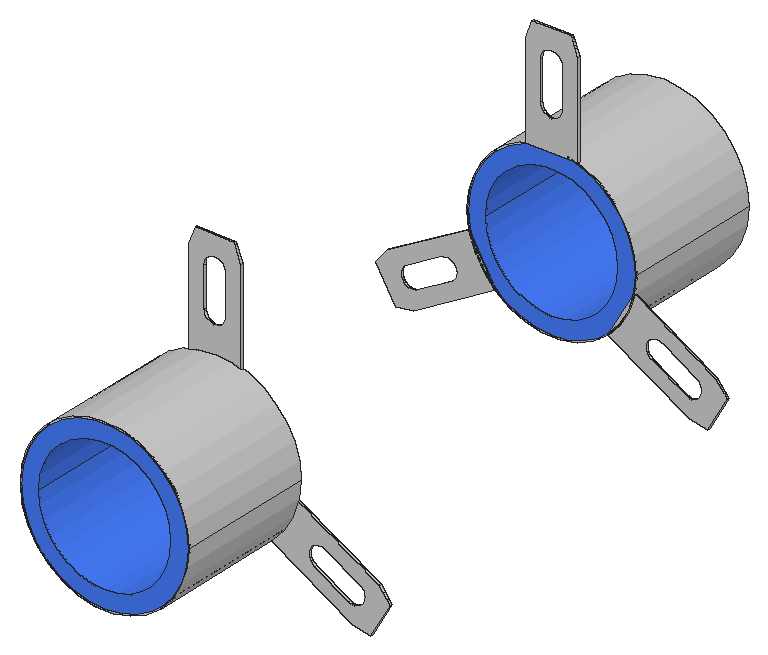
Revit family "Firestop-Wrap_Strip-STI-Series_SS_WBLU2_Sealant_1_to_4_wall", category Specialty Equipment, host Wall, Revit 2026
Family settings
  Host = Wall
  Round Connector Dimension = Use Diameter
  Part Type = Normal
  Classification Number = 23.20.50.14.11
  Enable Cutting in Views = No
  Always vertical = Yes
  Cut with Voids When Loaded = No
  Maintain Annotation Orientation = No
  Shared = No
  Room Calculation Point = No
Parameters (values of type "01.5 Pipe")
  Tested Systems = "http://sti.fmpdata.net/system_search.html"
  Systems  (See "Tested Systems" for addtional) = ""
  Product Page URL = "http://www.stifirestop.com/products/product-selector/ssw-intumescent-wrap-strip/"
  Product Documentation Link = "http://files.systems.stifirestop.com/4.%20Product%20Data%20Sheets/1.%20English/PDS_SSW125,%20SSW250,%20SSW375%20Wrap%20Strip.pdf"
  Pipe OD = 0' - 1 115/128"
  Material = ""
  Manufacturer Phone No. = "800.992.1180"
  Manufacturer Fax No. = "908.526.9623"
  Manufacture Address = "210 Evans Way, Somerville, NJ 08876"
  MSDS = "http://files.systems.stifirestop.com/5.%20Safety%20Data%20Sheet/1.%20English/SDS_BLU2%20Wrap%20Strip.pdf"
  Locate Distributor = "http://www.stifirestop.com/"
  Guide Specification = "http://www.stifirestop.com/technical-library/sti-guide-specs/"
  Green Building/LEED® Information = "http://sti.fmpdata.net/ftp/letters/General_LEED_Letter.pdf"
  Firestop-STI-Intumescent-Blue = Rap Blue
  URL = "http://www.stifirestop.com/"
  Stack Height = 0' - 2"
  Screw hole Width = 0' - 0 5/16"
  Mounting tabs small Width = 0' - 0 9/16"
  Mounting tabs large Width = 0' - 0 3/4"
  Mounting tabs ID = 0' - 1 19/128"
  Model = "SSWBLU2"
  Manufacturer = "Specified Technologies Inc."
  Fire Rating = "Up to 4 Hr"
  Description = "BLU2 Wrap Strip (2\" X 1/8\" X 12')"
  Default Elevation = 0' - 0"
  Contact Technical Service = "http://www.stifirestop.com/contact/"
  ID of Collar = 0' - 2 51/128"
  Contact Sales = "http://www.stifirestop.com/contact/"
  Galvanized-STI-Steel-Collar = Collar
  Color = ""
  Assembly Code = "D4030900"
Types (7): name | Pipe OD | Material | MSDS | Locate Distributor | Screw hole Width | Mounting tabs small Width | Mounting tabs large Width | Mounting tabs ID | ID of Collar | Color
  (no name) | 0' - 1 115/128" | "" | "http://files.systems.stifirestop.com/5.%20Safety%20Data%20Sheet/1.%20English/SDS_BLU2%20Wrap%20Strip.pdf" | "http://www.stifirestop.com/" | 0' - 0 5/16" | 0' - 0 9/16" | 0' - 0 3/4" | 0' - 1 19/128" | 0' - 2 51/128" | ""
  04 Pipe | 0' - 4 1/2" | "" | "http://files.systems.stifirestop.com/5.%20Safety%20Data%20Sheet/1.%20English/SDS_BLU2%20Wrap%20Strip.pdf" | "http://www.stifirestop.com/" | 0' - 0 3/8" | 0' - 0 1/2" | 0' - 1" | 0' - 2 147/256" | 0' - 5 1/4" | ""
  03 Pipe | 0' - 3 1/2" | "" | "http://sti.fmpdata.net/ftp/datasheet/MSDS-BLU2.pdf" | "http://files.systems.stifirestop.com/5.%20Safety%20Data%20Sheet/1.%20English/SDS_BLU2%20Wrap%20Strip.pdf" | 0' - 0 3/8" | 0' - 0 1/2" | 0' - 1" | 0' - 1 243/256" | 0' - 4" | ""
  02 Pipe | 0' - 2 3/8" | "Flexible intumescent strip faced with plastic" | "http://files.systems.stifirestop.com/5.%20Safety%20Data%20Sheet/1.%20English/SDS_BLU2%20Wrap%20Strip.pdf" | "http://www.stifirestop.com/" | 0' - 0 5/16" | 0' - 0 9/16" | 0' - 0 3/4" | 0' - 1 67/256" | 0' - 2 5/8" | "BLUE"
  02.5 Pipe | 0' - 2 7/8" | "" | "http://files.systems.stifirestop.com/5.%20Safety%20Data%20Sheet/1.%20English/SDS_BLU2%20Wrap%20Strip.pdf" | "http://www.stifirestop.com/" | 0' - 0 5/16" | 0' - 0 9/16" | 0' - 0 3/4" | 0' - 1 163/256" | 0' - 3 3/8" | ""
  03.5 Pipe | 0' - 4" | "" | "http://files.systems.stifirestop.com/5.%20Safety%20Data%20Sheet/1.%20English/SDS_BLU2%20Wrap%20Strip.pdf" | "http://www.stifirestop.com/" | 0' - 0 3/8" | 0' - 0 1/2" | 0' - 1" | 0' - 2 83/256" | 0' - 4 3/4" | ""
  01.5 Pipe | 0' - 1 115/128" | "" | "http://files.systems.stifirestop.com/5.%20Safety%20Data%20Sheet/1.%20English/SDS_BLU2%20Wrap%20Strip.pdf" | "http://www.stifirestop.com/" | 0' - 0 5/16" | 0' - 0 9/16" | 0' - 0 3/4" | 0' - 1 19/128" | 0' - 2 51/128" | ""
Reference planes (in)
  plane 1: y = 0.33538
  plane 2 "Center (Left/Right)": x = 0
  plane 3 "Wall Edge": y = 3.33538
  plane 4: z = 75.23468
  plane 5: x = 1.19922
  plane 6: x = -1.19922
  plane 7: y = 5.33538
  plane 8: x = 0.375
  plane 9: x = 0.28125
  plane 10: x = 0.15625
  plane 11: x = -0.375
  plane 12: x = -0.28125
  plane 13: x = -0.15625
  plane 14: z = 76.38311
  plane 15: z = 76.97686
  plane 16: z = 77.53936
  plane 17: z = 77.72686
  plane 18: z = 77.97686
  plane 19: y = 3.35938
  plane 20: through (0, 9, 75.23468) normal (-0.5, 0, 0.866)
  plane 21: through (0, 9, 75.23468) normal (-0.5, 0, -0.866)
  plane 22: through (-7.07109, 9, 62.98719) normal (0.866, 0, -0.5)
  plane 23: through (-7.07109, 9, 87.48217) normal (-0.866, 0, -0.5)
  plane 24: through (-2.59494, 9, 74.1695) normal (-0.5, 0, 0.866)
  plane 25: through (-2.54807, 9, 74.08831) normal (-0.5, 0, 0.866)
  plane 26: through (-2.48557, 9, 73.98006) normal (-0.5, 0, 0.866)
  plane 27: through (-2.21994, 9, 73.51998) normal (-0.5, 0, 0.866)
  plane 28: through (-2.26682, 9, 73.60117) normal (-0.5, 0, 0.866)
  plane 29: through (-2.32932, 9, 73.70942) normal (-0.5, 0, 0.866)
  plane 30: through (-2.53244, 9, 74.06125) normal (-0.5, 0, 0.866)
  plane 31: through (-2.50119, 9, 74.00712) normal (-0.5, 0, 0.866)
  plane 32: through (-2.28244, 9, 73.62823) normal (-0.5, 0, 0.866)
  plane 33: through (-2.31369, 9, 73.68236) normal (-0.5, 0, 0.866)
  plane 34: through (-8.06567, 9, 86.90795) normal (-0.866, 0, -0.5)
  plane 35: through (2.21994, 9, 73.51998) normal (-0.5, 0, -0.866)
  plane 36: through (2.26682, 9, 73.60117) normal (-0.5, 0, -0.866)
  plane 37: through (2.32932, 9, 73.70942) normal (-0.5, 0, -0.866)
  plane 38: through (2.59494, 9, 74.1695) normal (-0.5, 0, -0.866)
  plane 39: through (2.54807, 9, 74.08831) normal (-0.5, 0, -0.866)
  plane 40: through (2.48557, 9, 73.98006) normal (-0.5, 0, -0.866)
  plane 41: through (-6.07652, 9, 62.41297) normal (0.866, 0, -0.5)
  plane 42: through (-5.56231, 9, 62.11609) normal (0.866, 0, -0.5)
  plane 43: through (-5.07517, 9, 61.83484) normal (0.866, 0, -0.5)
  plane 44: through (-4.91279, 9, 61.74109) normal (0.866, 0, -0.5)
  plane 45: through (-4.69629, 9, 61.61609) normal (0.866, 0, -0.5)
  plane 46: x = 0.94922
  plane 47: x = -0.94922
  plane 48: y = -2.68862
  plane 49: y = -4.65737
  plane 50: through (-8.57987, 9, 86.61107) normal (-0.866, 0, -0.5)
  plane 51: through (-9.06701, 9, 86.32982) normal (-0.866, 0, -0.5)
  plane 52: through (-9.22939, 9, 86.23607) normal (-0.866, 0, -0.5)
  plane 53: through (-9.4459, 9, 86.11107) normal (-0.866, 0, -0.5)
  plane 54: x = 1.21122
  plane 55: x = -1.21122
  plane 56: y = -2.65737
Forms (in)
  Extrusion 1, solid, material "Collar" <- "Galvanized-STI-Steel-Collar"
    sketch origin (0, 3.33538, 0) x (1, 0, 0) y (0, 0, 1)
      loop
        line (-0.375, 76.38311) -> (0.375, 76.38311) -> (0.375, 77.72686) -> (0.28125, 77.97686) -> (-0.28125, 77.97686) -> (-0.375, 77.72686) -> (-0.375, 76.38311)
      loop
        arc (0.15625, 77.53936) -> (0, 77.69561) -> (-0.15625, 77.53936) r 0.15625
        line (-0.15625, 77.53936) -> (-0.15625, 76.97686)
        arc (-0.15625, 76.97686) -> (0, 76.82061) -> (0.15625, 76.97686) r 0.15625
        line (0.15625, 76.97686) -> (0.15625, 77.53936)
    from -0.024 to 0
  Extrusion 2, solid, material "Collar" <- "Galvanized-STI-Steel-Collar"
    sketch origin (-65.15514, 3.08538, 112.85201) x (-0.5, 0, -0.866025) y (0.866025, 0, -0.5)
      loop
        line (-0.375, 76.38311) -> (0.375, 76.38311) -> (0.375, 77.72686) -> (0.28125, 77.97686) -> (-0.28125, 77.97686) -> (-0.375, 77.72686) -> (-0.375, 76.38311)
      loop
        arc (0.15625, 77.53936) -> (0, 77.69561) -> (-0.15625, 77.53936) r 0.15625
        line (-0.15625, 77.53936) -> (-0.15625, 76.97686)
        arc (-0.15625, 76.97686) -> (0, 76.82061) -> (0.15625, 76.97686) r 0.15625
        line (0.15625, 76.97686) -> (0.15625, 77.53936)
    from -0.274 to -0.25
  Extrusion 3, solid, material "Collar" <- "Galvanized-STI-Steel-Collar"
    sketch origin (0, 10.33538, 0) x (1, 0, 0) y (0, 0, 1)
      loop
        line (-0.375, 76.38311) -> (0.375, 76.38311) -> (0.375, 77.72686) -> (0.28125, 77.97686) -> (-0.28125, 77.97686) -> (-0.375, 77.72686) -> (-0.375, 76.38311)
      loop
        arc (0.15625, 77.53936) -> (0, 77.69561) -> (-0.15625, 77.53936) r 0.15625
        line (-0.15625, 77.53936) -> (-0.15625, 76.97686)
        arc (-0.15625, 76.97686) -> (0, 76.82061) -> (0.15625, 76.97686) r 0.15625
        line (0.15625, 76.97686) -> (0.15625, 77.53936)
    from 13 to 13.024
  Extrusion 4, solid, material "Collar" <- "Galvanized-STI-Steel-Collar"
    sketch origin (65.15514, 12.33538, 112.85201) x (-0.5, 0, 0.866025) y (-0.866025, 0, -0.5)
      loop
        line (-0.375, 76.38311) -> (0.375, 76.38311) -> (0.375, 77.72686) -> (0.28125, 77.97686) -> (-0.28125, 77.97686) -> (-0.375, 77.72686) -> (-0.375, 76.38311)
      loop
        arc (0.15625, 77.53936) -> (0, 77.69561) -> (-0.15625, 77.53936) r 0.15625
        line (-0.15625, 77.53936) -> (-0.15625, 76.97686)
        arc (-0.15625, 76.97686) -> (0, 76.82061) -> (0.15625, 76.97686) r 0.15625
        line (0.15625, 76.97686) -> (0.15625, 77.53936)
    from 8.976 to 9
  Extrusion 5, solid, material "Collar" <- "Galvanized-STI-Steel-Collar"
    sketch origin (-65.15514, 2.25476, 112.85201) x (-0.5, 0, -0.866025) y (0.866025, 0, -0.5)
      loop
        line (-0.375, 76.38311) -> (0.375, 76.38311) -> (0.375, 77.72686) -> (0.28125, 77.97686) -> (-0.28125, 77.97686) -> (-0.375, 77.72686) -> (-0.375, 76.38311)
      loop
        arc (0.15625, 77.53936) -> (0, 77.69561) -> (-0.15625, 77.53936) r 0.15625
        line (-0.15625, 77.53936) -> (-0.15625, 76.97686)
        arc (-0.15625, 76.97686) -> (0, 76.82061) -> (0.15625, 76.97686) r 0.15625
        line (0.15625, 76.97686) -> (0.15625, 77.53936)
    from 4.91937 to 4.94337
  Extrusion 6, solid, material "Collar" <- "Galvanized-STI-Steel-Collar"
    sketch origin (65.15514, 11.50476, 112.85201) x (-0.5, 0, 0.866025) y (-0.866025, 0, -0.5)
      loop
        line (-0.375, 76.38311) -> (0.375, 76.38311) -> (0.375, 77.72686) -> (0.28125, 77.97686) -> (-0.28125, 77.97686) -> (-0.375, 77.72686) -> (-0.375, 76.38311)
      loop
        arc (0.15625, 77.53936) -> (0, 77.69561) -> (-0.15625, 77.53936) r 0.15625
        line (-0.15625, 77.53936) -> (-0.15625, 76.97686)
        arc (-0.15625, 76.97686) -> (0, 76.82061) -> (0.15625, 76.97686) r 0.15625
        line (0.15625, 76.97686) -> (0.15625, 77.53936)
    from 14.16937 to 14.19337
  Extrusion 7, solid, material "Collar" <- "Galvanized-STI-Steel-Collar"
    sketch origin (0, 3.33538, 0) x (1, 0, 0) y (0, 0, 1)
      loop
        circle (0, 75.23468) r 1.21122
      loop
        circle (0, 75.23468) r 1.19922
    from -2 to 0
  Extrusion 8, solid, material "Collar" <- "Galvanized-STI-Steel-Collar"
    sketch origin (0, 3.33538, 0) x (1, 0, 0) y (0, 0, 1)
      loop
        circle (0, 75.23468) r 1.21122
      loop
        circle (0, 75.23468) r 1.19922
    from 6 to 7.99275
  Extrusion 9, solid, material "Rap Blue" <- "Firestop-STI-Intumescent-Blue"
    sketch origin (0, 3.33538, 0) x (1, 0, 0) y (0, 0, 1)
      loop
        circle (0, 75.23468) r 1.19922
      loop
        circle (0, 75.23468) r 0.94922
    from 6 to 7.99275
  Extrusion 10, solid, material "Rap Blue" <- "Firestop-STI-Intumescent-Blue"
    sketch origin (0, 3.33538, 0) x (1, 0, 0) y (0, 0, 1)
      loop
        circle (0, 75.23468) r 1.19922
      loop
        circle (0, 75.23468) r 0.94922
    from -2 to 0
Lines and regions (in)
  Opening 1
    outline origin (-60, -2.66462, 0) x (1, 0, 0) y (0, 0, 1)
      loop
        circle (60, 75.23468) r 0.94922
Text (in)
  text "Placement Side" at (0, 22.0041, 123.01588), in view "Right"
  text "Placement Side" at (-70.3804, 28.46503, 0), in view "Ref. Level"
  text "Placement Side" at (0, 81.56103, 140.59947), in view "Left"
Dimensions and locks (in)
  locked: plane 3 "Wall Edge" to host wall
  equal spacing: plane 10, plane 2 "Center (Left/Right)", plane 13
  "Screw hole Width": plane 10 to plane 13
  equal spacing: plane 9, plane 2 "Center (Left/Right)", plane 12
  "Mounting tabs small Width": plane 9 to plane 12
  equal spacing: plane 8, plane 2 "Center (Left/Right)", plane 11
  "Mounting tabs large Width": plane 8 to plane 11
  equal spacing: plane 5, plane 2 "Center (Left/Right)", plane 6
  "ID of Collar": plane 5 to plane 6
  "Screw hole Width": plane 26 to plane 29
  "Mounting tabs small Width": plane 25 to plane 28
  "Mounting tabs large Width": plane 24 to plane 27
  equal spacing: plane 29, plane 20, plane 26
  equal spacing: plane 28, plane 20, plane 25
  equal spacing: plane 27, plane 20, plane 24
  equal spacing: plane 33, plane 20, plane 31
  equal spacing: plane 32, plane 20, plane 30
  "Screw hole Width": plane 37 to plane 40
  "Mounting tabs small Width": plane 36 to plane 39
  "Mounting tabs large Width": plane 35 to plane 38
  equal spacing: plane 37, plane 21, plane 40
  equal spacing: plane 36, plane 21, plane 39
  equal spacing: plane 35, plane 21, plane 38
  "Mounting tabs ID": plane 4 to plane 14
  locked: plane 14 to plane 18 at 1.59375
  locked: plane 17 to plane 18 at 0.25
  locked: plane 16 to plane 18 at 0.4375
  locked: plane 15 to plane 18 at 1
  "Mounting tabs ID": plane 34 to plane 23
  locked: plane 45 to plane 41 at 1.59375
  "Mounting tabs ID": plane 41 to plane 22
  locked: plane 45 to plane 44 at 0.25
  locked: plane 45 to plane 43 at 0.4375
  locked: plane 45 to plane 42 at 1
  equal spacing: plane 46, plane 2 "Center (Left/Right)", plane 47
  "Pipe OD": plane 46 to plane 47
  locked: plane 19 to plane 3 "Wall Edge" at 0.024
  equal spacing: plane 19, plane 1, plane 48
  locked: plane 53 to plane 52 at 0.25
  locked: plane 53 to plane 51 at 0.4375
  locked: plane 53 to plane 50 at 1
  locked: plane 53 to plane 34 at 1.59375
  locked: plane 54 to plane 5 at 0.012
  locked: plane 55 to plane 6 at 0.012
  "Stack Height": plane 7 to plane 3 "Wall Edge"
  "Stack Height": plane 56 to plane 49
  locked: plane 56 to plane 48 at 0.03125
  aligned and locked: plane 11 to Extrusion 1 sketch curve  (x2)
  aligned and locked: Extrusion 1 sketch curve to plane 8
  aligned and locked: Extrusion 1 sketch curve to plane 14
  aligned and locked: plane 18 to Extrusion 1 sketch curve  (x2)
  aligned and locked: Extrusion 1 sketch curve to plane 9
  aligned and locked: plane 12 to Extrusion 1 sketch curve
  aligned and locked: Extrusion 1 sketch curve to plane 10  (x2)
  aligned and locked: plane 13 to Extrusion 1 sketch curve  (x2)
  aligned and locked: Extrusion 1 to host wall
  aligned and locked: plane 19 to Extrusion 1
  aligned and locked: plane 38 to Extrusion 2 sketch curve  (x2)
  aligned and locked: Extrusion 2 sketch curve to plane 35
  aligned and locked: Extrusion 2 sketch curve to plane 41
  aligned and locked: plane 45 to Extrusion 2 sketch curve  (x2)
  aligned and locked: Extrusion 2 sketch curve to plane 36
  aligned and locked: plane 39 to Extrusion 2 sketch curve
  aligned and locked: Extrusion 2 sketch curve to plane 37  (x2)
  aligned and locked: plane 40 to Extrusion 2 sketch curve  (x2)
  aligned and locked: plane 46 to Opening 1 sketch curve
  aligned and locked: plane 47 to Opening 1 sketch curve
  aligned and locked: Extrusion 3 to host wall
  aligned and locked: Extrusion 3 to plane 48
  aligned and locked: plane 19 to Extrusion 2
  aligned and locked: Extrusion 2 to host wall
  aligned and locked: Extrusion 4 to host wall
  aligned and locked: Extrusion 1 to Extrusion 4
  aligned and locked: Extrusion 6 to plane 48
  aligned and locked: Extrusion 6 to host wall
  aligned and locked: Extrusion 5 to host wall
  aligned and locked: Extrusion 5 to plane 48
  aligned and locked: plane 4 to Extrusion 7 sketch curve  (x2)
  aligned and locked: plane 55 to Extrusion 7 sketch curve
  aligned and locked: plane 5 to Extrusion 7 sketch curve
  aligned and locked: plane 7 to Extrusion 7
  aligned and locked: Extrusion 7 to host wall
  aligned and locked: plane 54 to Extrusion 8 sketch curve
  aligned and locked: plane 5 to Extrusion 8 sketch curve
  aligned and locked: Extrusion 8 to plane 49
  aligned and locked: Extrusion 8 to host wall
  aligned and locked: plane 5 to Extrusion 9 sketch curve
  aligned and locked: plane 46 to Extrusion 9 sketch curve
  aligned and locked: Extrusion 9 to plane 49
  aligned and locked: Extrusion 9 to host wall
  aligned and locked: plane 5 to Extrusion 10 sketch curve
  aligned and locked: plane 46 to Extrusion 10 sketch curve
  aligned and locked: plane 7 to Extrusion 10
  aligned and locked: Extrusion 10 to host wall
Automatic sketch dimensions
  Extrusion 1 sketch curve to plane 15 = 0' - 0"
  Extrusion 1 sketch curve to plane 16 = 0' - 0"
  Extrusion 1 sketch curve to plane 17 = 0' - 0"  (x2)
  Extrusion 2 sketch curve to plane 42 = 0' - 0"
  Extrusion 2 sketch curve to plane 43 = 0' - 0"
  Extrusion 2 sketch curve to plane 44 = 0' - 0"  (x2)
  Opening 1 sketch curve to Opening 1 sketch curve = 0' - 0"
  Opening 1 sketch curve to plane 4 = 0' - 0"
  plane 11 to Extrusion 3 sketch curve = 0' - 0"
  plane 12 to Extrusion 3 sketch curve = 0' - 0"
  plane 13 to Extrusion 3 sketch curve = 0' - 0"
  Extrusion 3 sketch curve to plane 2 "Center (Left/Right)" = 0' - 0"
  Extrusion 3 sketch curve to plane 9 = 0' - 0"
  plane 8 to Extrusion 3 sketch curve = 0' - 0"
  Extrusion 3 sketch curve to plane 14 = 0' - 0"
  Extrusion 3 sketch curve to plane 15 = 0' - 0"
  Extrusion 3 sketch curve to plane 16 = 0' - 0"
  Extrusion 3 sketch curve to plane 17 = 0' - 0"  (x2)
  Extrusion 3 sketch curve to plane 18 = 0' - 0"
  Extrusion 4 sketch curve to plane 27 = 0' - 0"
  Extrusion 4 sketch curve to plane 28 = 0' - 0"
  Extrusion 4 sketch curve to plane 29 = 0' - 0"
  plane 20 to Extrusion 4 sketch curve = 0' - 0"
  plane 25 to Extrusion 4 sketch curve = 0' - 0"
  Extrusion 4 sketch curve to plane 24 = 0' - 0"
  plane 34 to Extrusion 4 sketch curve = 0' - 0"
  plane 50 to Extrusion 4 sketch curve = 0' - 0"
  plane 51 to Extrusion 4 sketch curve = 0' - 0"
  plane 52 to Extrusion 4 sketch curve = 0' - 0"  (x2)
  plane 53 to Extrusion 4 sketch curve = 0' - 0"
  Extrusion 5 sketch curve to plane 38 = 0' - 0"
  Extrusion 5 sketch curve to plane 39 = 0' - 0"
  Extrusion 5 sketch curve to plane 40 = 0' - 0"
  plane 21 to Extrusion 5 sketch curve = 0' - 0"
  plane 36 to Extrusion 5 sketch curve = 0' - 0"
  Extrusion 5 sketch curve to plane 35 = 0' - 0"
  Extrusion 5 sketch curve to plane 41 = 0' - 0"
  Extrusion 5 sketch curve to plane 42 = 0' - 0"
  Extrusion 5 sketch curve to plane 43 = 0' - 0"
  Extrusion 5 sketch curve to plane 44 = 0' - 0"  (x2)
  Extrusion 5 sketch curve to plane 45 = 0' - 0"
  Extrusion 6 sketch curve to plane 27 = 0' - 0"
  Extrusion 6 sketch curve to plane 28 = 0' - 0"
  Extrusion 6 sketch curve to plane 29 = 0' - 0"
  plane 20 to Extrusion 6 sketch curve = 0' - 0"
  plane 25 to Extrusion 6 sketch curve = 0' - 0"
  Extrusion 6 sketch curve to plane 24 = 0' - 0"
  plane 34 to Extrusion 6 sketch curve = 0' - 0"
  plane 50 to Extrusion 6 sketch curve = 0' - 0"
  plane 51 to Extrusion 6 sketch curve = 0' - 0"
  plane 52 to Extrusion 6 sketch curve = 0' - 0"  (x2)
  plane 53 to Extrusion 6 sketch curve = 0' - 0"
  Extrusion 7 sketch curve to Extrusion 7 sketch curve = 0' - 0"  (x6)
  plane 6 to Extrusion 7 sketch curve = 0' - 0"
  Extrusion 8 sketch curve to Extrusion 8 sketch curve = 0' - 0"  (x2)
  Extrusion 8 sketch curve to plane 4 = 0' - 0"
  plane 55 to Extrusion 8 sketch curve = 0' - 0"
  Extrusion 9 sketch curve to Extrusion 9 sketch curve = 0' - 0"  (x2)
  Extrusion 9 sketch curve to plane 4 = 0' - 0"
  plane 47 to Extrusion 9 sketch curve = 0' - 0"
  Extrusion 10 sketch curve to Extrusion 10 sketch curve = 0' - 0"  (x2)
  Extrusion 10 sketch curve to plane 4 = 0' - 0"
  plane 47 to Extrusion 10 sketch curve = 0' - 0"
